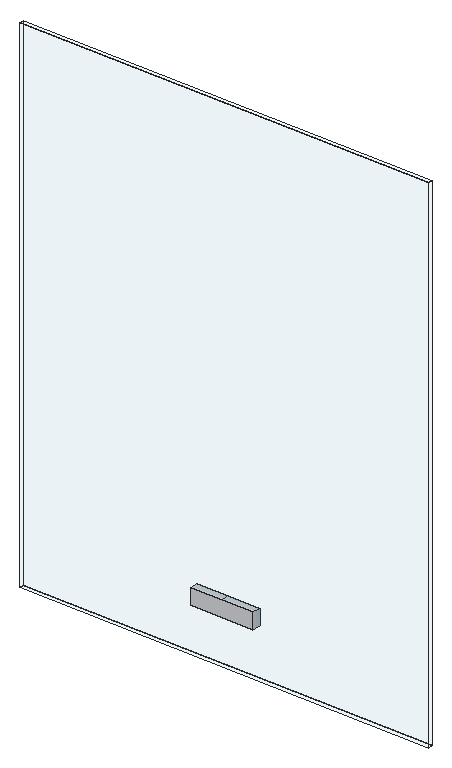
Revit family
Parameters (values of type "커튼월 수직 열림창")
  Function = (empty or 0)
  Assembly Code = ""
  간격띄우기 = 51.00 mm
  유리 재료 = 유리
Reference planes
  plane 1: y = 0
  plane 2: z = 0
  plane 3: x = 471.923
  plane 4: x = -53.077
  plane 5: x = 996.923
  plane 6: z = 1300
  plane 7: y = 51
Forms (mm)
  Extrusion 1, solid, material "유리" <- "유리 재료"
    sketch origin (0, 0, -690.6) x (1, 0, 0) y (0, 1, 0)
      loop
        line (-53.077, 51) -> (-53.077, 38.3) -> (996.923, 38.3) -> (996.923, 51) -> (-53.077, 51)
    from 690.6 to 1990.6
  Extrusion 2, solid
    sketch origin (996.923, 51, 1360) x (0, 0, -1) y (-1, 0, 0)
      loop
        line (1200, 525) -> (1200, 445) -> (1240, 445) -> (1240, 605) -> (1200, 605) -> (1200, 525)
    from 0 to -20
Lines and regions (mm)
  symbolic lines, style "DoorsPanelProjection"
    curve 1: line (996.923, 51, 0) -> (996.923, 1101, 0)
  symbolic lines, style "입면도 스윙"
    curve 2: line (471.923, 51, 1300) -> (996.923, 51, 0)
    curve 3: line (-53.077, 51, 0) -> (471.923, 51, 1300)
Text (mm)
  text "외부" at (-272.061, 797.241, 0), in view "기준선"
Dimensions and locks
  equal spacing: plane 4, plane 3, plane 5
  "간격띄우기": plane 1 to plane 7
  equal spacing: plane 2, curve 3, plane 6
  aligned and locked: Extrusion 1 sketch curve to plane 4
  aligned and locked: Extrusion 1 to plane 2
Automatic sketch dimensions
  Extrusion 1 sketch curve to plane 5 = 0.00 mm
  Extrusion 1 sketch curve to plane 7 = 0.00 mm
  Extrusion 1 sketch curve to Extrusion 1 sketch curve = 12.70 mm
  curve 1 to plane 7 = 0.00 mm
  curve 1 to plane 5 = 0.00 mm
  curve 1 to curve 1 = 1050.00 mm
  curve 3 to plane 6 = 0.00 mm
  curve 2 to plane 3 = 0.00 mm
  curve 3 to level = 0.00 mm
  curve 2 to level = 0.00 mm
  curve 3 to plane 4 = 0.00 mm
  curve 2 to plane 5 = 0.00 mm
  plane 3 to Extrusion 2 sketch curve = 0.00 mm
  level to Extrusion 2 sketch curve = 160.00 mm
  Extrusion 2 sketch curve to Extrusion 2 sketch curve = 40.00 mm
  plane 3 to Extrusion 2 sketch curve = 80.00 mm
  Extrusion 2 sketch curve to plane 3 = 80.00 mm
